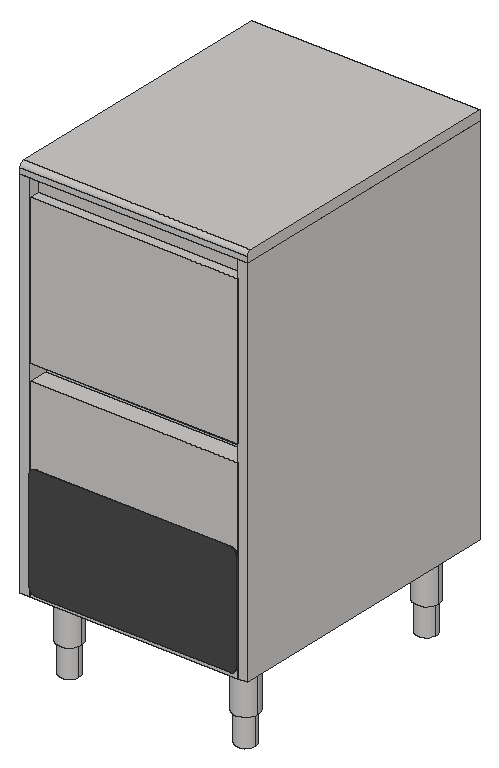
Revit family "QF_ELECTROLUXPROFESSIONAL_730302_ICB37I20SNP", category Attrezzature speciali, Revit 2018
Family settings
  Quota connettore circolare = Usa diametro
  Tipo di parte = Normale
  Basato su piano di lavoro = No
  Sempre verticale = Sì
  Taglio con vuoti quando caricato = No
  Condiviso = No
  Punto di calcolo locali = No
Parameters (values of type "Standard")
  Weight = 45.00 kg
  Watts = 1000 W
  Volts = 220 V
  URL Manufacturer = "https://www.electroluxprofessional.com/"
  URL = "https://www.electroluxprofessional.com/"
  Steam Supply Size = 0 mm
  Steam Supply Minimum Pressure = 0.0 Pa
  Steam Supply Maximum Pressure = 0.0 Pa
  Steam Pounds per Hour = 0
  Show Logo [instance] = yes
  Show Clearance [instance] = yes
  Refrigeration Suction Line Size = 0 mm
  Refrigeration Liquid Line Size = 0 mm
  Refrigerant Compressor Remote = yes
  Produttore = "Electrolux Professional"
  Phase = 1
  Modello = "ICB37I20SNP"
  Length Actual = 465 mm  # constant formula
  Item Number = "730302"
  Hot Water Size = 0 mm
  Height Actual = 894 mm  # constant formula
  HP = "1.3 HP"
  Gas Size = 0 mm
  Gas KW = 0
  Gas Input Pressure = 0 W
  Descrizione = "AIR COOLED ICE CUBER 22GR 37KG/24H-BIN 20KG"
  Depth Actual = 595 mm  # constant formula
  Cycle = 50 Hz
  Condensate Return Size = 0 mm
  Compressed Air Volume = 0.0 L/s
  Compressed Air Size = 0 mm
  Compressed Air Pressure = 0.0 Pa
  Cold Water Size = 19.05 mm
  Accessory = yes
Reference planes
  plane 1 "Center X": y = 272.851
  plane 2: z = 0
  plane 3 "Center Y": x = -501.5
  plane 4 "LEFT": x = -734
  plane 5 "RIGHT": x = -269
  plane 6 "FRONT": y = -24.149
  plane 7 "BACK": y = 569.851
  plane 8: z = 155
  plane 9: z = 944
  plane 10: z = 924
  plane 11: x = -714
  plane 12: x = -289
  plane 13: y = 15.851
Forms (mm)
  Extrusion 1, solid, material "QF_Finishes_Black"
    sketch origin (-217.296, -24.149, 371.513) x (-1, 0, 0) y (0, 0, -1)
      loop
        arc (481.704, -21.487) -> (492.311, -17.093) -> (496.704, -6.487) r 15
        line (496.704, -6.487) -> (496.704, 194.469)
        arc (496.704, 194.469) -> (492.311, 205.075) -> (481.704, 209.469) r 15
        line (481.704, 209.469) -> (86.704, 209.469)
        arc (86.704, 209.469) -> (76.097, 205.075) -> (71.704, 194.469) r 15
        line (71.704, 194.469) -> (71.704, -6.487)
        arc (71.704, -6.487) -> (76.097, -17.093) -> (86.704, -21.487) r 15
        line (86.704, -21.487) -> (481.704, -21.487)
    from 0 to 2
  Extrusion 2, solid, material "QF_Finishes_Stainless Steel"
    sketch origin (-501.5, 0, 0) x (0, 1, 0) y (0, 0, 1)
      loop
        line (569.851, 924) -> (569.851, 944) -> (-14.149, 944)
        arc (-14.149, 944) -> (-21.22, 941.071) -> (-24.149, 934) r 10
        line (-24.149, 934) -> (-24.149, 924) -> (569.851, 924)
    from -232.5 to 232.5
  Extrusion 3, solid, material "QF_Finishes_Stainless Steel"
    sketch origin (-321.2, 569.851, -329.545) x (1, 0, 0) y (0, 0, -1)
      loop
        circle (-16.8, -655.545) r 10
    from 0 to 10
  Extrusion 4, solid, material "QF_Finishes_Stainless Steel"
    sketch origin (0, 0, 0) x (1, 0, 0) y (0, 1, 0)
      loop
        line (-734, 569.851) -> (-734, -24.149) -> (-714, -24.149) -> (-714, 569.851) -> (-734, 569.851)
    from 155 to 924
  Extrusion 5, solid, material "QF_Finishes_Stainless Steel"
    sketch origin (0, 0, 0) x (1, 0, 0) y (0, 1, 0)
      loop
        line (-289, 569.851) -> (-289, -24.149) -> (-269, -24.149) -> (-269, 569.851) -> (-289, 569.851)
    from 155 to 924
  Extrusion 6, solid, material "QF_Finishes_Stainless Steel"
    sketch origin (0, 0, 0) x (1, 0, 0) y (0, 1, 0)
      loop
        line (-714, 569.851) -> (-714, 15.851) -> (-289, 15.851) -> (-289, 569.851) -> (-714, 569.851)
    from 155 to 924
  Extrusion 7, solid, material "QF_Finishes_Stainless Steel"
    sketch origin (0, 0, 0) x (1, 0, 0) y (0, 1, 0)
      loop
        line (-714, -24.149) -> (-289, -24.149) -> (-289, 15.851) -> (-714, 15.851) -> (-714, -24.149)
    from 155 to 550.848
  Extrusion 8, solid, material "QF_Finishes_Stainless Steel"
    sketch origin (-501.5, 0, 0) x (0, 1, 0) y (0, 0, 1)
      loop
        line (15.851, 924) -> (-4.149, 924) -> (-4.149, 888) -> (-24.149, 888) -> (-24.149, 584.768) -> (-4.149, 584.768) -> (-4.149, 569) -> (15.851, 569) -> (15.851, 924)
    from -212.5 to 212.5
  Extrusion 9, solid, material "QF_Finishes_Stainless Steel"
    sketch origin (-303.2, 569.851, -440.545) x (1, 0, 0) y (0, 0, -1)
      loop
        circle (-16.8, -655.545) r 10
    from 0 to 10
  Extrusion 10, solid, material "QF_Finishes_Stainless Steel"
    sketch origin (-363.2, 569.851, -361.545) x (1, 0, 0) y (0, 0, -1)
      loop
        circle (-16.8, -655.545) r 10
    from 0 to 10
Lines and regions (mm)
  Split face 1
    outline origin (-501.5, -4.149, 924) x (0, 0, -1) y (1, 0, 0)
      loop
        line (5.715, 89.928) -> (30.715, 89.928) -> (30.715, 129.928) -> (5.715, 129.928) -> (5.715, 89.928)
  symbolic lines
    curve 1: line (-734, 569.851, 0) -> (-269, 569.851, 0)
    curve 2: line (-734, -24.149, 0) -> (-734, 569.851, 0)
    curve 3: line (-269, -24.149, 0) -> (-734, -24.149, 0)
    curve 4: line (-269, 569.851, 0) -> (-269, -24.149, 0)
Dimensions and locks
  equal spacing: plane 4 "LEFT", plane 3 "Center Y", plane 5 "RIGHT"
  plane 4 "LEFT" to plane 5 "RIGHT" = 465 mm
  equal spacing: plane 7 "BACK", plane 1 "Center X", plane 6 "FRONT"
  plane 7 "BACK" to plane 6 "FRONT" = 594 mm
  plane 8 to plane 2 = 155 mm
  plane 9 to plane 8 = 789 mm
  locked: plane 4 "LEFT" to plane 11 at 20
  locked: plane 12 to plane 5 "RIGHT" at 20
  locked: plane 9 to plane 10 at 20
  locked: plane 13 to plane 6 "FRONT" at 40
  aligned and locked: level to plane 2
  aligned and locked: plane 5 "RIGHT" to Extrusion 2
  aligned and locked: Extrusion 2 to plane 4 "LEFT"
  aligned and locked: Extrusion 4 sketch curve to Extrusion 2  (x2)
  aligned and locked: plane 6 "FRONT" to Extrusion 4 sketch curve
  aligned and locked: Extrusion 4 sketch curve to plane 11
  aligned and locked: Extrusion 5 sketch curve to plane 7 "BACK"
  aligned and locked: plane 12 to Extrusion 5 sketch curve
  aligned and locked: Extrusion 5 sketch curve to Extrusion 2  (x2)
  aligned and locked: plane 10 to Extrusion 4
  aligned and locked: plane 10 to Extrusion 5
  aligned and locked: Extrusion 4 to plane 8
  aligned and locked: Extrusion 5 to plane 8
  aligned and locked: Extrusion 6 sketch curve to Extrusion 4
  aligned and locked: Extrusion 4 to Extrusion 6 sketch curve
  aligned and locked: plane 13 to Extrusion 6 sketch curve
  aligned and locked: Extrusion 6 sketch curve to plane 12
  aligned and locked: plane 10 to Extrusion 6
  aligned and locked: Extrusion 6 to plane 8
  aligned and locked: Extrusion 4 to Extrusion 7 sketch curve
  aligned and locked: Extrusion 7 sketch curve to Extrusion 4
  aligned and locked: plane 13 to Extrusion 7 sketch curve
  aligned and locked: plane 12 to Extrusion 7 sketch curve
  aligned and locked: Extrusion 7 to plane 8
  aligned and locked: plane 12 to Extrusion 8
  aligned and locked: Extrusion 8 to plane 11
Automatic sketch dimensions
  curve 3 to plane 4 "LEFT" = 0 mm
  curve 3 to plane 5 "RIGHT" = 0 mm
  curve 3 to plane 6 "FRONT" = 0 mm
  curve 2 to plane 7 "BACK" = 0 mm
  Extrusion 1 sketch curve to plane 12 = 0 mm
  plane 8 to Extrusion 1 sketch curve = 7.044 mm
  Extrusion 1 sketch curve to Extrusion 1 sketch curve = 15 mm  (x3)
  plane 11 to Extrusion 1 sketch curve = 15 mm  (x2)
  Extrusion 1 sketch curve to Extrusion 1 sketch curve = 200.956 mm
  Extrusion 2 sketch curve to plane 6 "FRONT" = 0 mm
  Extrusion 2 sketch curve to plane 9 = 0 mm
  Extrusion 2 sketch curve to plane 7 "BACK" = 0 mm
  Extrusion 2 sketch curve to plane 10 = 0 mm
  plane 6 "FRONT" to Extrusion 2 sketch curve = 10 mm
  Extrusion 6 to Extrusion 3 sketch curve = 171 mm
  Extrusion 3 sketch curve to Extrusion 6 = 49 mm
  Extrusion 8 sketch curve to plane 6 "FRONT" = 0 mm
  Extrusion 8 sketch curve to plane 10 = 0 mm
  Extrusion 8 sketch curve to plane 13 = 0 mm
  plane 6 "FRONT" to Extrusion 8 sketch curve = 20 mm  (x2)
  Extrusion 8 sketch curve to plane 10 = 36 mm
  Extrusion 8 sketch curve to Extrusion 8 sketch curve = 303.232 mm
  Extrusion 8 sketch curve to Extrusion 8 sketch curve = 15.768 mm
  Split face 1 sketch curve to Extrusion 8 = 5.715 mm
  Extrusion 8 to Split face 1 sketch curve = 5.285 mm
  Split face 1 sketch curve to Extrusion 8 = 122.572 mm
  Split face 1 sketch curve to Split face 1 sketch curve = 40 mm
  Extrusion 9 sketch curve to Extrusion 6 = 31 mm
  Extrusion 6 to Extrusion 9 sketch curve = 60 mm
  Extrusion 10 sketch curve to Extrusion 6 = 91 mm
  Extrusion 6 to Extrusion 10 sketch curve = 139 mm
  radius of Extrusion 3 sketch curve = 10 mm
  radius of Extrusion 9 sketch curve = 10 mm
  radius of Extrusion 10 sketch curve = 10 mm
Nested families
  nested 1: "Foot_Complete" at (-682, 36.851, 0), type "Foot_Complete"
    with H 155 mm
  nested 2: "Foot_Complete" at (-321, 36.851, 0) x (-1, 0, 0) z (0, 0, 1), type "Foot_Complete"
    with H 155 mm
  nested 3: "Foot_Complete" at (-682, 498.851, 0), type "Foot_Complete"
    with H 155 mm
  nested 4: "Foot_Complete" at (-321, 498.851, 0) x (-1, 0, 0) z (0, 0, 1), type "Foot_Complete"
    with H 155 mm
Connectors
  electrical at (-320, 579.851, 215), driven by "Volts"
    settings: on Extrusion 9, index 1, voltage 220 V, apparent load 0 VA, apparent load phase1 0 VA, apparent load phase2 0 VA, apparent load phase3 0 VA, power factor 1, load classification "Altro", number of poles 1, system type 30, power factor state 1, is connector primary yes, connector utility no, sub classification motor no, connector description "Electrical Connection"
  piping at (-338, 579.851, 326), diameter 20
    settings: on Extrusion 3, index 2, connector inside diameter 609.6 mm, connector length 0 mm, flow factor 0, pipe flow 0.0 L/s, pressure drop 0.0 Pa, fitting loss kfactor 0, connector angle 0.00°, fixture units 0, engagement length 0 mm, angle of deflection 0.00°, flow configuration 0, flow direction 0, fitting loss method 0, system type 20, joint type 0, gender type 0, connector reference index -1, connector utility 0, adjustable connector no, is connector primary yes, connector description "Cold water"
  piping at (-380, 579.851, 294), diameter 20
    settings: on Extrusion 10, index 3, connector inside diameter 609.6 mm, connector length 0 mm, flow factor 0, pipe flow 0.0 L/s, pressure drop 0.0 Pa, fitting loss kfactor 0, connector angle 0.00°, fixture units 0, engagement length 0 mm, angle of deflection 0.00°, flow configuration 0, flow direction 0, fitting loss method 0, system type 16, joint type 0, gender type 0, connector reference index -1, connector utility 0, adjustable connector no, is connector primary no, connector description "Drain"
Definition of nested family "Foot_Complete"
  Parameters (values of type "Foot_Complete")
    R = 25 mm
    H = 153 mm
  Reference planes
    plane 1 "Centro (Fronte/Retro)": y = 0
    plane 2: z = 0
    plane 3 "Centro (Sinistra/Destra)": x = 0
    plane 4: z = 153
  Forms (mm)
    Revolve 1, solid
      sketch origin (255.05, 0, 608.09) x (0, 0, 1) y (-1, 0, 0)
        loop
          line (-608.09, 255.05) -> (-608.09, 235.05) -> (-548.09, 235.05) -> (-548.09, 230.05) -> (-455.09, 230.05) -> (-455.09, 255.05) -> (-608.09, 255.05)
        axis (-608.09, 255.05) -> (-455.09, 255.05)
      angle from 0 to 360
  Dimensions and locks
    level to Revolve 1 sketch curve = 60 mm
    "R": Revolve 1 sketch curve to plane 3 "Centro (Sinistra/Destra)"
    "H": plane 4 to level
    aligned and locked: level to plane 2
    aligned and locked: plane 4 to Revolve 1 sketch curve
    aligned and locked: Revolve 1 sketch curve to level
    aligned and locked: plane 3 "Centro (Sinistra/Destra)" to Revolve 1 sketch curve
  Automatic sketch dimensions
    Revolve 1 sketch curve to plane 3 "Centro (Sinistra/Destra)" = 0 mm
    plane 3 "Centro (Sinistra/Destra)" to Revolve 1 sketch curve = 20 mm
    Revolve 1 sketch curve to Revolve 1 sketch curve = 50 mm
    Revolve 1 sketch curve to Revolve 1 sketch curve = 20 mm
